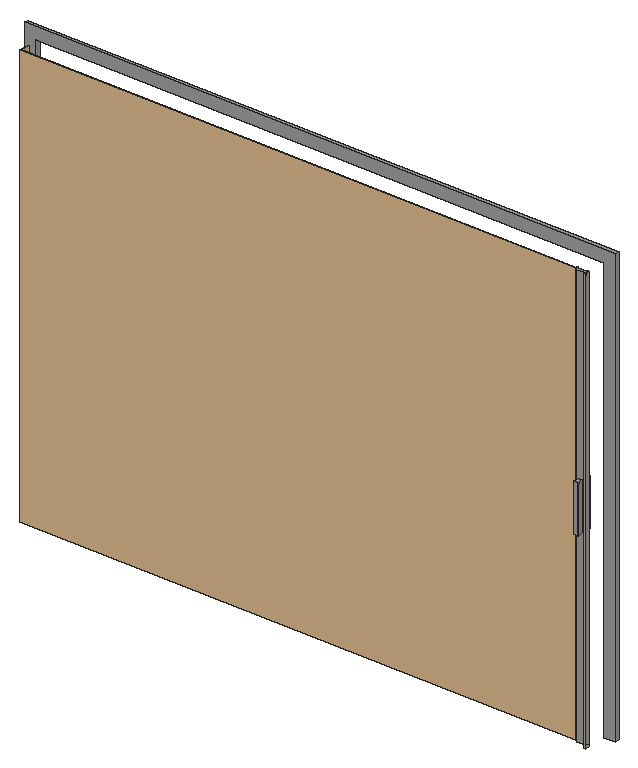
Revit family "Woodfold-Accordion-Door-Family-Series-240", category Doors, host Wall, Revit 2026
Family settings
  Host = Wall
  Always vertical = Yes
  Cut with Voids When Loaded = No
  Shared = No
  Room Calculation Point = No
Parameters (values of type "12'-0" x 9'-0" RecessedTrack, Sliding Jamb")
  URL = "www.woodfold.com"
  Type Comments = "Width: No limitation.  Height: Vinyl-Lam up to 12'-1\", Hardwoods up to 10'-1\""
  Track Material = Woodfold - Aluminum - Bronze
  Surface Track = no
  Surface Jamb = no
  Stack Dimension = 0.1041 * Width + 0' 2 3/4"  # 1' - 5.7404"
  Sliding Jamb = yes
  Recessed Track = yes
  Panel Material = Woodfold - Birch
  Panel Connectors = "Flexible Vinyl"
  Model = "240"
  Manufacturer = "Woodfold Mfg., Inc."
  Lead Post = Woodfold - Aluminum - Bronze
  Hardware Type = "Deadlatch with Thumbturn Two-side"
  Function = Interior
  Frame Visibility = no
  Frame Projection Ext. = 0' - 1"
  Frame Projection Int. = 0' - 1"
  Frame Width = 0' - 3"
  Height = 9' - 0"
  Wall Closure = By host
  Width = 12' - 0"
  Frame Material = Default
  Description = "Accordion door"
  Assembly Code = ""
Reference planes (in)
  plane 1 "Center (Front/Back)": y = 0
  plane 2 "Center (Left/Right)": x = 0
  plane 3 "Left": x = -72
  plane 4 "Right": x = 72
  plane 5 "Top": z = 108
  plane 6 "Stack End": x = -54.2596
  plane 7 "Middle": z = 54
Forms (in)
  Extrusion 1, solid, material "Default" <- "Frame Material"
    sketch origin (-90, 5, 0) x (-1, 0, 0) y (0, 0, 1)
      loop
        line (-162, 108) -> (-18, 108) -> (-18, 0) -> (-15, 0) -> (-15, 111) -> (-165, 111) -> (-165, 0) -> (-162, 0) -> (-162, 108)
    from 0 to 1
  Extrusion 2, solid, material "Default" <- "Frame Material", visible <- "Frame Visibility"
    sketch origin (-90, -5, 0) x (1, 0, 0) y (0, 0, 1)
      loop
        line (18, 0) -> (18, 108) -> (162, 108) -> (162, 0) -> (165, 0) -> (165, 111) -> (15, 111) -> (15, 0) -> (18, 0)
    from 0 to 1
  Extrusion 3, solid, material "Woodfold - Birch" <- "Panel Material"
    sketch origin (0, 0, 0) x (1, 0, 0) y (0, 1, 0)
      loop
        line (-71.75, 0.125) -> (-71.75, 2.23536) -> (-72, 2.23536) -> (-72, -0.125) -> (69.125, -0.125) -> (69.125, 0.125) -> (-71.75, 0.125)
    from 0.64608 to 108
  Extrusion 4, solid, material "Default" <- "Frame Material"
    sketch origin (0, 0, 0) x (1, 0, 0) y (0, 1, 0)
      loop
        line (72, 0.25) -> (70.9375, 0.25) -> (71.16324, 1.60445)
        arc (71.16324, 1.60445) -> (71.13532, 1.7058) -> (71.03994, 1.75) r 0.125
        line (71.03994, 1.75) -> (70.08506, 1.75)
        arc (70.08506, 1.75) -> (69.98968, 1.7058) -> (69.96176, 1.60445) r 0.125
        line (69.96176, 1.60445) -> (70.1875, 0.25) -> (69.25, 0.25)
        arc (69.25, 0.25) -> (69.08719, 0.17869) -> (69.03176, 0.00981) r 0.21774
        arc (69.03176, 0.00981) -> (69.19467, 0.06273) -> (69.125, -0.09375) r 0.09375
        arc (69.125, -0.09375) -> (69.10937, -0.10937) -> (69.125, -0.125) r 0.01562
        line (69.125, -0.125) -> (69.21055, -0.125) -> (69.58555, -0.5) -> (70.1875, -0.5) -> (69.96176, -1.85445)
        arc (69.96176, -1.85445) -> (69.98968, -1.9558) -> (70.08506, -2) r 0.125
        line (70.08506, -2) -> (71.03994, -2)
        arc (71.03994, -2) -> (71.13532, -1.9558) -> (71.16324, -1.85445) r 0.125
        line (71.16324, -1.85445) -> (70.9375, -0.5) -> (72, -0.5) -> (72, 0.25)
    from 48.64608 to 60.64608
  Extrusion 5, solid, material "Default" <- "Frame Material"
    sketch origin (0, 0, -18) x (1, 0, 0) y (0, 1, 0)
      loop
        arc (69.25, 0.25) -> (69.08719, 0.17869) -> (69.03176, 0.00981) r 0.21774
        arc (69.03176, 0.00981) -> (69.19467, 0.06273) -> (69.125, -0.09375) r 0.09375
        arc (69.125, -0.09375) -> (69.10937, -0.10937) -> (69.125, -0.125) r 0.01562
        line (69.125, -0.125) -> (69.21055, -0.125) -> (69.58555, -0.5) -> (72, -0.5) -> (72, 0.25) -> (69.25, 0.25)
    from 18.64608 to 66.64608
  Extrusion 6, solid, material "Default" <- "Frame Material"
    sketch origin (0, 0, 42) x (1, 0, 0) y (0, 1, 0)
      loop
        arc (69.25, 0.25) -> (69.08719, 0.17869) -> (69.03176, 0.00981) r 0.21774
        arc (69.03176, 0.00981) -> (69.19467, 0.06273) -> (69.125, -0.09375) r 0.09375
        arc (69.125, -0.09375) -> (69.10938, -0.10937) -> (69.125, -0.125) r 0.01562
        line (69.125, -0.125) -> (69.21055, -0.125) -> (69.58555, -0.5) -> (72, -0.5) -> (72, 0.25) -> (69.25, 0.25)
    from 18.64608 to 66
  Extrusion 7, solid, material "Woodfold - Aluminum - Bronze" <- "Track Material"
    sketch origin (0, 0, 0) x (1, 0, 0) y (0, 1, 0)
      loop
        line (71.58547, -0.63818) -> (72, -0.63818) -> (72, 0.38818) -> (71.58547, 0.38818) -> (71.58547, 0.25) -> (71.875, 0.25) -> (71.875, -0.5) -> (71.58547, -0.5) -> (71.58547, -0.63818)
    from 0 to 108
  Sweep 8, solid, material "Woodfold - Aluminum - Bronze" <- "Track Material", visible <- "Surface Track"
    path origin (0, 0, 0) x (1, 0, 0) y (0, 0, 1)
      loop
        line (72, 108) -> (-72, 108)
    profile origin (0, 0, 108) x (0, 0, -1) y (0, -1, 0)
      loop
        line (0.78289, -0.15789) -> (1.1875, -0.15789) -> (1.1875, 0.15789) -> (0.78289, 0.15789) -> (0.9375, 0.3125) -> (0.9375, 0.4375) -> (0.8125, 0.5625) -> (0, 0.5625) -> (0, -0.5625) -> (0.8125, -0.5625) -> (0.9375, -0.4375) -> (0.9375, -0.3125) -> (0.78289, -0.15789)
Cuts and joins
  joined: Extrusion 1, Extrusion 4, Extrusion 5, Extrusion 6
Lines and regions (in)
  Opening 1
    outline origin (-90, -5, 0) x (1, 0, 0) y (0, 0, 1)
      loop
        line (18, 0) -> (162, 0) -> (162, 108) -> (18, 108) -> (18, 0)
  symbolic lines, style "Elevation Swing"
    curve 1: line (72, 0, 0) -> (-72, 0, 54)
    curve 2: line (-72, 0, 54) -> (72, 0, 108)
Text (in)
  text "Exterior" at (-74.96733, 27.31104, 0), in view "Ref. Level"
  text "Interior" at (-74.96733, -25.14366, 0), in view "Ref. Level"
  text "Exterior" at (0, 40.15149, 123.01588), in view "Right"
  text "Interior" at (0, -64.39139, 123.01588), in view "Right"
  text "Interior" at (0, -31.01599, 123.00693), in view "Left"
  text "Exterior" at (0, 54.57065, 123.00693), in view "Left"
Dimensions and locks (in)
  equal spacing: plane 3 "Left", plane 2 "Center (Left/Right)", plane 4 "Right"
  "Height": level to plane 5 "Top"
  "Width": plane 3 "Left" to plane 4 "Right"
  "Frame Width": Extrusion 2 sketch curve to plane 3 "Left"
  "Frame Width": Extrusion 2 sketch curve to plane 4 "Right"
  "Frame Width": Extrusion 2 sketch curve to plane 5 "Top"
  "Frame Width": Extrusion 1 sketch curve to Extrusion 1 sketch curve  (x2)
  "Frame Width": Extrusion 1 sketch curve to plane 5 "Top"
  host wall to plane 5 "Top" = 9' - 0"
  "Frame Projection Int.": Extrusion 2 to host wall
  "Frame Projection Ext.": Extrusion 1 to host wall
  level to Extrusion 3 = 0' - 0.64608"
  "Stack Dimension": plane 3 "Left" to plane 6 "Stack End"
  equal spacing: level, plane 7 "Middle", plane 5 "Top"
  locked: Extrusion 3 sketch curve to Extrusion 3 sketch curve at 2.36036
  aligned and locked: plane 3 "Left" to Opening 1 sketch curve
  aligned and locked: plane 5 "Top" to Opening 1 sketch curve  (x2)
  aligned and locked: Opening 1 sketch curve to plane 4 "Right"
  aligned and locked: Opening 1 sketch curve to level
  aligned and locked: plane 5 "Top" to Extrusion 1 sketch curve  (x2)
  aligned and locked: plane 3 "Left" to Extrusion 1 sketch curve
  aligned and locked: Extrusion 1 sketch curve to plane 3 "Left"
  aligned and locked: level to Extrusion 1 sketch curve
  aligned and locked: plane 4 "Right" to Extrusion 1 sketch curve
  aligned and locked: Extrusion 1 to host wall
  aligned and locked: plane 3 "Left" to Extrusion 2 sketch curve
  aligned and locked: plane 5 "Top" to Extrusion 2 sketch curve  (x2)
  aligned and locked: plane 4 "Right" to Extrusion 2 sketch curve  (x2)
  aligned and locked: level to Extrusion 2 sketch curve
  aligned and locked: Extrusion 2 sketch curve to level
  aligned and locked: Extrusion 2 to host wall
  aligned and locked: nested 1 to plane 3 "Left"
  aligned and locked: nested 2 to plane 6 "Stack End"
  aligned and locked: nested 3 to nested 2
  aligned and locked: nested 3 to plane 3 "Left"
  aligned and locked: nested 4 to plane 4 "Right"
  aligned and locked: plane 5 "Top" to nested 5
  aligned and locked: level to nested 5
  aligned and locked: Extrusion 3 to nested 5
  aligned and locked: level to nested 6
  aligned and locked: host wall to nested 6
  aligned and locked: Extrusion 5 to Extrusion 3
  aligned and locked: Extrusion 4 to Extrusion 5
  aligned and locked: Extrusion 6 to Extrusion 4
  aligned and locked: Extrusion 6 to host wall
  aligned and locked: Extrusion 3 to plane 5 "Top"
  aligned and locked: plane 5 "Top" to nested 6
  aligned and locked: plane 4 "Right" to Extrusion 5 sketch curve
  aligned and locked: Extrusion 7 to level
  aligned and locked: Extrusion 7 to plane 5 "Top"
  aligned and locked: plane 4 "Right" to Sweep 8 sketch curve
  aligned and locked: plane 3 "Left" to Sweep 8 sketch curve
  aligned and locked: plane 5 "Top" to Sweep 8 sketch curve
  aligned and locked: nested 7 to plane 3 "Left"
Automatic sketch dimensions
  Extrusion 1 sketch curve to level = 0' - 0"
  Extrusion 2 sketch curve to level = 0' - 0"
  Extrusion 3 sketch curve to plane 3 "Left" = 0' - 0"
  Extrusion 3 sketch curve to Extrusion 3 sketch curve = 0' - 0 1/4"
  host wall to Extrusion 3 sketch curve = 0' - 0 1/8"
  plane 4 "Right" to Extrusion 3 sketch curve = 0' - 2 7/8"
  Extrusion 3 sketch curve to host wall = 0' - 0 1/8"
  Extrusion 4 sketch curve to host wall = 0' - 0"
  Extrusion 4 sketch curve to plane 4 "Right" = 0' - 0"
  plane 4 "Right" to Extrusion 4 sketch curve = 0' - 0.83676"  (x2)
  Extrusion 4 sketch curve to Extrusion 4 sketch curve = 0' - 0.1233"  (x4)
  Extrusion 4 sketch curve to host wall = 0' - 0 1/4"  (x2)
  Extrusion 4 sketch curve to Extrusion 4 sketch curve = 0' - 1 1/16"
  host wall to Extrusion 4 sketch curve = 0' - 0 1/2"  (x2)
  Extrusion 4 sketch curve to Extrusion 4 sketch curve = 0' - 0"  (x3)
  Extrusion 4 sketch curve to Extrusion 4 sketch curve = 0' - 0 3/4"  (x2)
  Extrusion 4 sketch curve to Extrusion 4 sketch curve = 0' - 0.95488"  (x2)
  Extrusion 4 sketch curve to Extrusion 4 sketch curve = 0' - 0.60195"
  Extrusion 4 sketch curve to Extrusion 4 sketch curve = 0' - 0.33555"
  Extrusion 4 sketch curve to host wall = 0' - 0.03226"
  Extrusion 4 sketch curve to Extrusion 4 sketch curve = 0' - 0.00165"
  Extrusion 4 sketch curve to Extrusion 4 sketch curve = 0' - 0.0378"
  Extrusion 4 sketch curve to Extrusion 4 sketch curve = 0' - 0.08555"
  Extrusion 4 sketch curve to host wall = 0' - 0.00981"
  Extrusion 4 sketch curve to Extrusion 4 sketch curve = 0' - 1.35445"  (x2)
  Extrusion 4 sketch curve to Extrusion 4 sketch curve = 0' - 0.02055"  (x2)
  Extrusion 4 sketch curve to Extrusion 4 sketch curve = 0' - 0 1/32"
  Extrusion 4 sketch curve to Extrusion 4 sketch curve = 0' - 0 1/64"
  curve 1 to plane 3 "Left" = 0' - 0"
  curve 2 to plane 4 "Right" = 0' - 0"
  curve 1 to level = 0' - 0"
  curve 1 to plane 4 "Right" = 0' - 0"
  curve 2 to plane 7 "Middle" = 0' - 0"
  curve 2 to plane 5 "Top" = 0' - 0"
  Extrusion 5 sketch curve to host wall = 0' - 0"
  host wall to Extrusion 5 sketch curve = 0' - 0 1/2"
  plane 4 "Right" to Extrusion 5 sketch curve = 0' - 2.41445"
  Extrusion 5 sketch curve to host wall = 0' - 0 1/4"
  Extrusion 5 sketch curve to Extrusion 5 sketch curve = 0' - 0.33555"
  Extrusion 5 sketch curve to host wall = 0' - 0.03226"
  Extrusion 5 sketch curve to Extrusion 5 sketch curve = 0' - 0.00165"
  host wall to Extrusion 5 sketch curve = 0' - 0 1/8"
  Extrusion 5 sketch curve to Extrusion 5 sketch curve = 0' - 0.0378"
  Extrusion 5 sketch curve to Extrusion 5 sketch curve = 0' - 0.08555"
  Extrusion 5 sketch curve to host wall = 0' - 0.00981"
  Extrusion 5 sketch curve to Extrusion 5 sketch curve = 0' - 0 1/64"
  Extrusion 6 sketch curve to host wall = 0' - 0"
  Extrusion 6 sketch curve to plane 4 "Right" = 0' - 0"
  host wall to Extrusion 6 sketch curve = 0' - 0 1/2"
  Extrusion 6 sketch curve to Extrusion 6 sketch curve = 0' - 2.41445"
  Extrusion 6 sketch curve to host wall = 0' - 0 1/4"
  Extrusion 6 sketch curve to Extrusion 6 sketch curve = 0' - 0.33555"
  Extrusion 6 sketch curve to host wall = 0' - 0.03226"
  Extrusion 6 sketch curve to Extrusion 6 sketch curve = 0' - 0.00165"
  host wall to Extrusion 6 sketch curve = 0' - 0 1/8"
  Extrusion 6 sketch curve to Extrusion 6 sketch curve = 0' - 0.0378"
  Extrusion 6 sketch curve to Extrusion 6 sketch curve = 0' - 0.08555"
  Extrusion 6 sketch curve to host wall = 0' - 0.00981"
  Extrusion 6 sketch curve to Extrusion 6 sketch curve = 0' - 0 1/64"
  Extrusion 7 sketch curve to plane 4 "Right" = 0' - 0"
  plane 4 "Right" to Extrusion 7 sketch curve = 0' - 0 1/8"
  Extrusion 7 sketch curve to Extrusion 7 sketch curve = 0' - 0.28953"  (x2)
  host wall to Extrusion 7 sketch curve = 0' - 0.63818"
  Extrusion 7 sketch curve to Extrusion 7 sketch curve = 0' - 0.13818"  (x2)
  Extrusion 7 sketch curve to host wall = 0' - 0 1/4"
  Sweep 8 sketch curve to profile plane = 0' - 0"
  Sweep 8 sketch curve to profile plane = 0' - 0.15789"
  Sweep 8 sketch curve to profile plane = 0' - 0.78289"
  profile plane to Sweep 8 sketch curve = 0' - 0.15789"
  Sweep 8 sketch curve to Sweep 8 sketch curve = 0' - 0"
  Sweep 8 sketch curve to Sweep 8 sketch curve = 0' - 0.02961"  (x2)
  Sweep 8 sketch curve to Sweep 8 sketch curve = 0' - 0 1/8"  (x5)
  profile plane to Sweep 8 sketch curve = 0' - 0 7/16"
  Sweep 8 sketch curve to Sweep 8 sketch curve = 0' - 0 1/4"
  Sweep 8 sketch curve to Sweep 8 sketch curve = 0' - 0.15461"
  Sweep 8 sketch curve to profile plane = 0' - 0 9/16"
Nested families (in)
  nested 1: "Detail - Jamb Plate" at (-72, 0, 0) x (0, 1, 0) z (0, 0, 1), visible <- "Surface Jamb", type "Detail - Jamb Plate"
  nested 2: "Detail Lead Post" at (-56.92405, -0.125, 0), type "Detail Lead Post", detail levels medium+fine
  nested 3: "Detail - Stacked Panels" at (-72, 0, 0), type "Detail - Stacked Panels"
    with built-in parameter 1001306 1.2492 (stored number, unit not read)
  nested 4: "Detail - Post receptor" at (72, -0.125, 0), type "Detail - Post receptor"
  nested 5: "Detail - Panel Section" at (0, 0, 108) x (0, 0, -1) z (1, 0, 0), visible <- "Surface Track", type "Detail - Panel Section"
    with Panel Finish yes, built-in parameter 1001306 9 (stored number, unit not read)
  nested 6: "Detail - Panel Section - Recessed Track" at (0, 0, 108) x (0, 0, -1) z (1, 0, 0), visible <- "Recessed Track", type "Detail - Panel Section"
    with Panel Finish yes, built-in parameter 1001306 9 (stored number, unit not read)
  nested 7: "Detail - Recessed Jamb" at (-72, -0.13103, 0), visible <- "Sliding Jamb", type "Detail - Recessed Jamb"
Definition of nested family "Detail - Jamb Plate"
  Parameters
    Assembly Code = ""
  Reference planes (in)
    plane 1 "Center (Front/Back)": y = 0
    plane 2: z = 0
    plane 3 "Center (Left/Right)": x = 0
  Lines and regions (in)
    Filled region 1, type "Steel", in view "Ref. Level"
      outline origin (0, 0, 0) x (1, 0, 0) y (0, 1, 0)
        loop
          line (0, 0) -> (1.75, 0) -> (1.75, 0.25) -> (0, 0.25) -> (0, 0)
  Nested families (in)
    nested 1: "Wood Screw" at (0.875, -0.75, 0), type "Wood Screw", in view "Ref. Level"
  Definition of nested family "Wood Screw"
    Parameters
      Length = 0' - 1"
    Reference planes (in)
      plane 1 "Center (Front/Back)": y = 0
      plane 2: z = 0
      plane 3 "Center (Left/Right)": x = 0
      plane 4: y = 1
      plane 5: y = 0.875
    Lines and regions (in)
      detail lines, in view "Ref. Level"
        curve 1: line (-0.1875, 1, 0) -> (0.1875, 1, 0)
        curve 2: line (0.1875, 1, 0) -> (0.0625, 0.875, 0)
        curve 3: line (0.0625, 0.875, 0) -> (0.0625, 0.0625, 0)
        curve 4: line (0.0625, 0.0625, 0) -> (0, 0, 0)
        curve 5: line (-0.1875, 1, 0) -> (-0.0625, 0.875, 0)
        curve 6: line (-0.0625, 0.875, 0) -> (-0.0625, 0.0625, 0)
        curve 7: line (-0.0625, 0.0625, 0) -> (0, 0, 0)
      detail lines, in view "Ref. Level", not visible
        curve 8: line (-0.1875, 0.9375, 0) -> (0.1875, 0.9375, 0)
        curve 9: line (0.1875, 0.9375, 0) -> (0.0625, 0.8125, 0)
        curve 10: line (-0.1875, 0.9375, 0) -> (-0.0625, 0.8125, 0)
    Dimensions and locks (in)
      locked: plane 4 to plane 5 at 0.125
      "Length": plane 4 to plane 1 "Center (Front/Back)"
      aligned and locked: curve 1 to plane 4
      aligned and locked: plane 5 to curve 3
      aligned and locked: plane 5 to curve 6
    Automatic sketch dimensions
      curve 4 to plane 1 "Center (Front/Back)" = 0' - 0"
      curve 4 to plane 3 "Center (Left/Right)" = 0' - 0"
      curve 6 to plane 3 "Center (Left/Right)" = 0' - 0 1/16"
      plane 3 "Center (Left/Right)" to curve 4 = 0' - 0 1/16"
      curve 4 to plane 1 "Center (Front/Back)" = 0' - 0 1/16"
Definition of nested family "Detail Lead Post"
  Parameters
    Assembly Code = ""
  Reference planes (in)
    plane 1 "Center (Front/Back)": y = 0
    plane 2: z = 0
    plane 3 "Center (Left/Right)": x = 0
    plane 4 "Hinge Side": x = -0.08555
    plane 5 "Jamb Side": x = 2.78945
    plane 6: x = 2.66445
  Lines and regions (in)
    Filled region 1, type "Concrete Block", in view "Ref. Level"
      outline origin (0, 0, 0) x (1, 0, 0) y (0, 1, 0)
        loop
          line (2.66445, 0.375) -> (0.03945, 0.375)
          arc (0.03945, 0.375) -> (-0.12336, 0.30369) -> (-0.17879, 0.13481) r 0.21774
          arc (-0.17879, 0.13481) -> (-0.01588, 0.18773) -> (-0.08555, 0.03125) r 0.09375
          arc (-0.08555, 0.03125) -> (-0.10118, 0.01562) -> (-0.08555, 0) r 0.01562
          line (-0.08555, 0) -> (0, 0) -> (0.375, -0.375) -> (2.66445, -0.375) -> (2.66445, 0.375)
        loop
          line (0.12172, 0.05506) -> (0.42678, -0.25) -> (2.53945, -0.25) -> (2.53945, 0.25) -> (0.09397, 0.25)
          arc (0.09397, 0.25) -> (0.13102, 0.15583) -> (0.12172, 0.05506) r 0.21875
    detail lines, in view "Ref. Level"
      curve 1: line (0.97695, 0.375, 0) -> (0.75121, 1.72945, 0)
      curve 2: line (1.82939, 1.875, 0) -> (0.87451, 1.875, 0)
      curve 3: line (1.72695, 0.375, 0) -> (1.95269, 1.72945, 0)
      curve 4: line (0.97695, -0.375, 0) -> (0.75121, -1.72945, 0)
      curve 5: line (1.82939, -1.875, 0) -> (0.87451, -1.875, 0)
      curve 6: line (1.72695, -0.375, 0) -> (1.95269, -1.72945, 0)
      curve 7: arc (0.75121, -1.72945, 0) -> (0.77913, -1.8308, 0) -> (0.87451, -1.875, 0) r 0.125
      curve 8: arc (1.82939, -1.875, 0) -> (1.92477, -1.8308, 0) -> (1.95269, -1.72945, 0) r 0.125
      curve 9: arc (0.75121, 1.72945, 0) -> (0.77913, 1.8308, 0) -> (0.87451, 1.875, 0) r 0.125
      curve 10: arc (1.95269, 1.72945, 0) -> (1.92477, 1.8308, 0) -> (1.82939, 1.875, 0) r 0.125
      curve 11: line (2.66445, 0.375, 0) -> (0.03945, 0.375, 0)
      curve 12: arc (0.03945, 0.375, 0) -> (-0.12336, 0.30369, 0) -> (-0.17879, 0.13481, 0) r 0.21774
      curve 13: arc (-0.17879, 0.13481, 0) -> (-0.01588, 0.18773, 0) -> (-0.08555, 0.03125, 0) r 0.09375
      curve 14: arc (-0.08555, 0.03125, 0) -> (-0.10118, 0.01562, 0) -> (-0.08555, 0, 0) r 0.01562
      curve 15: line (-0.08555, 0, 0) -> (0, 0, 0)
      curve 16: line (0, 0, 0) -> (0.375, -0.375, 0)
      curve 17: line (0.375, -0.375, 0) -> (2.66445, -0.375, 0)
      curve 18: line (2.66445, -0.375, 0) -> (2.66445, 0.375, 0)
Definition of nested family "Detail - Stacked Panels"
  Parameters
    built-in parameter 1001306 [instance] = 2' - 0"
    Assembly Code = ""
  Reference planes (in)
    plane 1 "Center (Front/Back)": y = 0
    plane 2: z = 0
    plane 3 "Left": x = 0
    plane 4 "Right": x = 24
    plane 5: x = 0.25
  Lines and regions (in)
    Filled region 1, type "Panel Lines", in view "Ref. Level"
      outline origin (0.25, 0, 0) x (1, 0, 0) y (0, 1, 0)
        loop
          line (0, 2.25) -> (0, -2.25) -> (23.5, -2.25) -> (23.5, 2.25) -> (0, 2.25)
    Filled region 2, type "Panel Lines", in view "Ref. Level"
      outline origin (0, 0, 0) x (1, 0, 0) y (0, 1, 0)
        loop
          line (0.25, 2.25) -> (0.25, 0) -> (0, 0) -> (0, -2.25) -> (24, -2.25) -> (24, 0) -> (23.75, 0) -> (23.75, 2.25) -> (0.25, 2.25)
    reference lines, in view "Ref. Level"
      curve 1: line (0, 0, 0) -> (24, 0, 0)
      curve 2: line (0.25, -4, 0) -> (24, -4, 0)
    detail lines, in view "Ref. Level"
      curve 3: circle (24, 0, 0) r 0.125 normal (0, 0, 1)
  Dimensions and locks (in)
    "built-in parameter 1001306": plane 3 "Left" to plane 4 "Right"
    aligned and locked: plane 1 "Center (Front/Back)" to curve 1
    aligned and locked: plane 3 "Left" to curve 1
    aligned and locked: plane 5 to curve 2
    aligned and locked: plane 4 "Right" to curve 2
    aligned and locked: Filled region 1 to Filled region 2
    aligned and locked: plane 3 "Left" to Filled region 2 sketch curve
    aligned and locked: Filled region 2 sketch curve to plane 5
    aligned and locked: Filled region 1 to plane 5
  Automatic sketch dimensions
    curve 1 to plane 4 "Right" = 0' - 0"
    plane 1 "Center (Front/Back)" to curve 2 = 0' - 4"
    plane 5 to Filled region 1 sketch curve = 0' - 0"
    plane 4 "Right" to Filled region 1 sketch curve = 0' - 0 1/4"
    plane 1 "Center (Front/Back)" to Filled region 1 sketch curve = 0' - 2 1/4"
    Filled region 1 sketch curve to plane 1 "Center (Front/Back)" = 0' - 2 1/4"
    curve 3 to plane 1 "Center (Front/Back)" = 0' - 0"
    curve 3 to plane 4 "Right" = 0' - 0"
    Filled region 2 sketch curve to plane 1 "Center (Front/Back)" = 0' - 0"  (x2)
    Filled region 2 sketch curve to plane 4 "Right" = 0' - 0"
    plane 4 "Right" to Filled region 2 sketch curve = 0' - 0 1/4"
    Filled region 2 sketch curve to Filled region 2 sketch curve = 0' - 2 1/4"  (x2)
    radius of curve 3 = 0' - 0 1/8"
Definition of nested family "Detail - Post receptor"
  Parameters
    Jamb Receptor Plate [instance] = yes
  Reference planes (in)
    plane 1 "Center (Front/Back)": y = 0
    plane 2: z = 0
    plane 3 "Center (Left/Right)": x = 0
  Lines and regions (in)
    Filled region 1, type "Concrete Block", in view "Ref. Level", visible <- "Jamb Receptor Plate"
      outline origin (-2.78945, 0, 0) x (1, 0, 0) y (0, 1, 0)
        loop
          line (2.37492, 0.51318) -> (2.37492, 0.38141) -> (2.66445, 0.38141) -> (2.66445, -0.38141) -> (2.37492, -0.38141) -> (2.37492, -0.51318) -> (2.78945, -0.51318) -> (2.78945, 0.51318) -> (2.37492, 0.51318)
Definition of nested family "Detail - Panel Section"
  Parameters
    Panel Finish [instance] = yes
    built-in parameter 1001306 [instance] = 4' - 0"
  Reference planes (in)
    plane 1 "Center (Front/Back)": y = 0
    plane 2: z = 0
    plane 3 "Left": x = 0
    plane 4 "Right": x = 48
    plane 5: x = 46.955
  Lines and regions (in)
    Filled region 1, type "Wood - Finish", in view "Ref. Level", visible <- "Panel Finish"
      outline origin (-14.66362, 0, 0) x (0, 1, 0) y (-1, 0, 0)
        loop
          line (-2.22816, -16.27095) -> (-2.22816, -61.61862) -> (2.2317, -61.61862) -> (2.2317, -16.27095) -> (-2.22816, -16.27095)
    reference lines, in view "Ref. Level"
      curve 1: line (0, 0, 0) -> (48, 0, 0)
    detail lines, in view "Ref. Level"
      curve 2: arc (1.1875, -2.199, 0) -> (1.15228, -2.28802, 0) -> (1.1875, -2.37703, 0) r 0.13011
      curve 3: line (1.20858, -2.21839, 0) -> (1.20858, -2.35623, 0)
      curve 4: line (1.20858, -2.28816, 0) -> (1.52613, -2.28816, 0)
      curve 5: arc (1.48757, -2.22839, 0) -> (1.54757, -2.29208, 0) -> (1.60733, -2.22816, 0) r 0.06
      curve 6: line (1.2475, -2.25816, 0) -> (1.49343, -2.25816, 0)
      curve 7: line (1.48757, -2.22839, 0) -> (1.20858, -2.22816, 0)
      curve 8: line (46.99371, -2.28816, 0) -> (1.56879, -2.28816, 0)
      curve 9: line (46.96101, -2.25816, 0) -> (1.60149, -2.25816, 0)
      curve 10: line (1.48739, -2.17209, 0) -> (1.48739, -2.22839, 0)
      curve 11: line (1.1875, -2.17209, 0) -> (1.48739, -2.17209, 0)
      curve 12: line (1.1875, -2.40479, 0) -> (1.1875, 2.40479, 0)
      curve 13: arc (1.60733, -1.14507, 0) -> (1.58503, -1.18941, 0) -> (1.60733, -1.23375, 0) r 0.05523
      curve 14: arc (1.60733, -0.39507, 0) -> (1.58503, -0.43941, 0) -> (1.60733, -0.48375, 0) r 0.05523
      curve 15: arc (1.60733, 0.47493, 0) -> (1.58503, 0.43059, 0) -> (1.60733, 0.38625, 0) r 0.05523
      curve 16: arc (1.60733, 1.22493, 0) -> (1.58503, 1.18059, 0) -> (1.60733, 1.13625, 0) r 0.05523
      curve 17: arc (1.60733, 2.11585, 0) -> (1.59138, 2.14854, 0) -> (1.5575, 2.16176, 0) r 0.05
      curve 18: line (1.1875, 2.16176, 0) -> (1.5575, 2.16176, 0)
      curve 19: arc (1.48739, 1.34792, 0) -> (1.54739, 1.40792, 0) -> (1.48739, 1.46792, 0) r 0.06
      curve 20: arc (1.48739, 1.46792, 0) -> (1.42739, 1.40792, 0) -> (1.48739, 1.34792, 0) r 0.06
      curve 21: arc (1.48739, -1.44643, 0) -> (1.54739, -1.38643, 0) -> (1.48739, -1.32643, 0) r 0.06
      curve 22: arc (1.48739, -1.32643, 0) -> (1.42739, -1.38643, 0) -> (1.48739, -1.44643, 0) r 0.06
      curve 23: arc (1.1875, 2.199, 0) -> (1.15228, 2.28802, 0) -> (1.1875, 2.37703, 0) r 0.13011
      curve 24: line (1.20858, 2.21839, 0) -> (1.20858, 2.35623, 0)
      curve 25: line (1.20858, 2.29161, 0) -> (47.35392, 2.29161, 0)
      curve 26: line (1.24866, 2.26161, 0) -> (47.32358, 2.26161, 0)
      curve 27: line (1.60733, 2.22816, 0) -> (1.20858, 2.22816, 0)
      curve 28: arc (47.375, -2.199, 0) -> (47.41022, -2.28802, 0) -> (47.375, -2.37703, 0) r 0.13011
      curve 29: line (47.35392, -2.21839, 0) -> (47.35392, -2.35623, 0)
      curve 30: line (47.35392, -2.28816, 0) -> (47.03637, -2.28816, 0)
      curve 31: arc (47.07493, -2.22839, 0) -> (47.01689, -2.29205, 0) -> (46.95504, -2.23208, 0) r 0.06
      curve 32: line (47.315, -2.25816, 0) -> (47.06907, -2.25816, 0)
      curve 33: line (47.07493, -2.22839, 0) -> (47.35392, -2.22816, 0)
      curve 34: line (47.07511, -2.17209, 0) -> (47.07511, -2.22839, 0)
      curve 35: line (47.375, -2.17209, 0) -> (47.07511, -2.17209, 0)
      curve 36: line (47.375, -2.40479, 0) -> (47.375, 2.40479, 0)
      curve 37: arc (46.955, -1.14495, 0) -> (46.97747, -1.18941, 0) -> (46.955, -1.23387, 0) r 0.05523
      curve 38: arc (46.955, -0.39495, 0) -> (46.97747, -0.43941, 0) -> (46.955, -0.48387, 0) r 0.05523
      curve 39: arc (46.955, 0.47505, 0) -> (46.97747, 0.43059, 0) -> (46.955, 0.38613, 0) r 0.05523
      curve 40: arc (46.955, 1.22505, 0) -> (46.97747, 1.18059, 0) -> (46.955, 1.13613, 0) r 0.05523
      curve 41: arc (46.955, 2.11176, 0) -> (46.96964, 2.14712, 0) -> (47.005, 2.16176, 0) r 0.05
      curve 42: line (47.375, 2.16176, 0) -> (47.005, 2.16176, 0)
      curve 43: arc (47.07511, 1.34792, 0) -> (47.01511, 1.40792, 0) -> (47.07511, 1.46792, 0) r 0.06
      curve 44: arc (47.07511, 1.46792, 0) -> (47.13511, 1.40792, 0) -> (47.07511, 1.34792, 0) r 0.06
      curve 45: arc (47.07511, -1.44643, 0) -> (47.01511, -1.38643, 0) -> (47.07511, -1.32643, 0) r 0.06
      curve 46: arc (47.07511, -1.32643, 0) -> (47.13511, -1.38643, 0) -> (47.07511, -1.44643, 0) r 0.06
      curve 47: arc (47.375, 2.199, 0) -> (47.41022, 2.28802, 0) -> (47.375, 2.37703, 0) r 0.13011
      curve 48: line (47.35392, 2.21839, 0) -> (47.35392, 2.35623, 0)
      curve 49: line (47.35392, 2.22816, 0) -> (46.955, 2.22816, 0)
      curve 94: line (48, -2.40479, 0) -> (48, 2.34521, 0)
      curve 96: line (46.955, -2.23208, 0) -> (46.955, 2.11176, 0)
      curve 98: line (1.60733, -2.22816, 0) -> (1.60733, 2.11585, 0)
    detail lines, in view "Ref. Level", not visible
      curve 50: arc (0, -2.199, 0) -> (-0.03522, -2.28802, 0) -> (0, -2.37703, 0) r 0.13011
      curve 51: line (0.02108, -2.21839, 0) -> (0.02108, -2.35623, 0)
      curve 52: line (0.02108, -2.28816, 0) -> (0.33863, -2.28816, 0)
      curve 53: arc (0.30007, -2.22839, 0) -> (0.36007, -2.29208, 0) -> (0.41983, -2.22816, 0) r 0.06
      curve 54: line (0.06, -2.25816, 0) -> (0.30593, -2.25816, 0)
      curve 55: line (0.30007, -2.22839, 0) -> (0.02108, -2.22816, 0)
      curve 56: line (0.29989, -2.17209, 0) -> (0.29989, -2.22839, 0)
      curve 57: line (0, -2.17209, 0) -> (0.29989, -2.17209, 0)
      curve 58: line (0, -2.40479, 0) -> (0, 2.40479, 0)
      curve 59: arc (0.41983, -1.14507, 0) -> (0.39753, -1.18941, 0) -> (0.41983, -1.23375, 0) r 0.05523
      curve 60: arc (0.41983, -0.39507, 0) -> (0.39753, -0.43941, 0) -> (0.41983, -0.48375, 0) r 0.05523
      curve 61: arc (0.41983, 0.47493, 0) -> (0.39753, 0.43059, 0) -> (0.41983, 0.38625, 0) r 0.05523
      curve 62: arc (0.41983, 1.22493, 0) -> (0.39753, 1.18059, 0) -> (0.41983, 1.13625, 0) r 0.05523
      curve 63: arc (0.41983, 2.11585, 0) -> (0.40388, 2.14854, 0) -> (0.37, 2.16176, 0) r 0.05
      curve 64: line (0, 2.16176, 0) -> (0.37, 2.16176, 0)
      curve 65: arc (0.29989, 1.34792, 0) -> (0.35989, 1.40792, 0) -> (0.29989, 1.46792, 0) r 0.06
      curve 66: arc (0.29989, 1.46792, 0) -> (0.23989, 1.40792, 0) -> (0.29989, 1.34792, 0) r 0.06
      curve 67: arc (0.29989, -1.44643, 0) -> (0.35989, -1.38643, 0) -> (0.29989, -1.32643, 0) r 0.06
      curve 68: arc (0.29989, -1.32643, 0) -> (0.23989, -1.38643, 0) -> (0.29989, -1.44643, 0) r 0.06
      curve 69: arc (0, 2.199, 0) -> (-0.03522, 2.28802, 0) -> (0, 2.37703, 0) r 0.13011
      curve 70: line (0.02108, 2.21839, 0) -> (0.02108, 2.35623, 0)
      curve 71: line (0.41983, 2.22816, 0) -> (0.02108, 2.22816, 0)
      curve 72: arc (8.68994, -2.199, 0) -> (8.72516, -2.28802, 0) -> (8.68994, -2.37703, 0) r 0.13011
      curve 73: line (8.66886, -2.21839, 0) -> (8.66886, -2.35623, 0)
      curve 74: line (8.66886, -2.28816, 0) -> (8.35131, -2.28816, 0)
      curve 75: arc (8.38987, -2.22839, 0) -> (8.33183, -2.29205, 0) -> (8.26998, -2.23208, 0) r 0.06
      curve 76: line (8.62994, -2.25816, 0) -> (8.38402, -2.25816, 0)
      curve 77: line (8.38987, -2.22839, 0) -> (8.66886, -2.22816, 0)
      curve 78: line (8.39005, -2.17209, 0) -> (8.39005, -2.22839, 0)
      curve 79: line (8.68994, -2.17209, 0) -> (8.39005, -2.17209, 0)
      curve 80: line (8.68994, -2.40479, 0) -> (8.68994, 2.40479, 0)
      curve 81: arc (8.26994, -1.14495, 0) -> (8.29241, -1.18941, 0) -> (8.26994, -1.23387, 0) r 0.05523
      curve 82: arc (8.26994, -0.39495, 0) -> (8.29241, -0.43941, 0) -> (8.26994, -0.48387, 0) r 0.05523
      curve 83: arc (8.26994, 0.47505, 0) -> (8.29241, 0.43059, 0) -> (8.26994, 0.38613, 0) r 0.05523
      curve 84: arc (8.26994, 1.22505, 0) -> (8.29241, 1.18059, 0) -> (8.26994, 1.13613, 0) r 0.05523
      curve 85: arc (8.26994, 2.11176, 0) -> (8.28459, 2.14712, 0) -> (8.31994, 2.16176, 0) r 0.05
      curve 86: line (8.68994, 2.16176, 0) -> (8.31994, 2.16176, 0)
      curve 87: arc (8.39005, 1.34792, 0) -> (8.33005, 1.40792, 0) -> (8.39005, 1.46792, 0) r 0.06
      curve 88: arc (8.39005, 1.46792, 0) -> (8.45005, 1.40792, 0) -> (8.39005, 1.34792, 0) r 0.06
      curve 89: arc (8.39005, -1.44643, 0) -> (8.33005, -1.38643, 0) -> (8.39005, -1.32643, 0) r 0.06
      curve 90: arc (8.39005, -1.32643, 0) -> (8.45005, -1.38643, 0) -> (8.39005, -1.44643, 0) r 0.06
      curve 91: arc (8.68994, 2.199, 0) -> (8.72516, 2.28802, 0) -> (8.68994, 2.37703, 0) r 0.13011
      curve 92: line (8.66886, 2.21839, 0) -> (8.66886, 2.35623, 0)
      curve 93: line (8.66886, 2.22816, 0) -> (8.26994, 2.22816, 0)
      curve 95: line (9.31494, -2.40479, 0) -> (9.31494, 2.34521, 0)
      curve 97: line (8.26994, -2.23208, 0) -> (8.26994, 2.11176, 0)
      curve 99: line (0.41983, -2.22816, 0) -> (0.41983, 2.11585, 0)
  Dimensions and locks (in)
    "built-in parameter 1001306": plane 3 "Left" to plane 4 "Right"
    locked: plane 5 to plane 4 "Right" at 1.045
    aligned and locked: plane 1 "Center (Front/Back)" to curve 1
    aligned and locked: plane 4 "Right" to curve 1
    aligned and locked: plane 3 "Left" to curve 1
    aligned and locked: curve 94 to plane 4 "Right"
    aligned and locked: Filled region 1 to plane 5
    aligned and locked: Filled region 1 to curve 98
    aligned and locked: curve 24 to curve 25
    aligned and locked: curve 8 to curve 4
  Automatic sketch dimensions
    plane 1 "Center (Front/Back)" to Filled region 1 sketch curve = 0' - 2.22816"
    Filled region 1 sketch curve to plane 1 "Center (Front/Back)" = 0' - 2.2317"
    plane 3 "Left" to Filled region 1 sketch curve = 3' - 10.955"
    plane 3 "Left" to Filled region 1 sketch curve = 0' - 1.60733"
    curve 38 to curve 39 = 0' - 0"
    curve 40 to curve 39 = 0' - 0"
    curve 38 to curve 37 = 0' - 0"
    curve 49 to curve 40 = 0' - 0"
    curve 37 to curve 37 = 0' - 0.03276"
    curve 49 to curve 41 = 0' - 0"
    curve 37 to curve 31 = 0' - 0.00004"
    curve 41 to curve 41 = 0' - 0.05"
    curve 42 to curve 41 = 0' - 0"
    curve 31 to curve 30 = 0' - 0.02133"
    curve 30 to curve 32 = 0' - 0.0327"
    curve 32 to curve 33 = 0' - 0.00585"
    curve 37 to curve 46 = 0' - 0.12011"
    curve 40 to curve 43 = 0' - 0.12011"
    curve 31 to curve 35 = 0' - 0.00018"
    curve 42 to curve 47 = 0' - 0.27511"
    curve 32 to curve 28 = 0' - 0.21103"
    curve 28 to curve 32 = 0' - 0.03489"
    curve 47 to curve 48 = 0' - 0.07381"
    curve 32 to curve 29 = 0' - 0.03892"
    curve 29 to curve 28 = 0' - 0.02108"
    curve 47 to curve 94 = 0' - 0 5/8"
    curve 36 to curve 94 = 0' - 0"
    curve 36 to curve 28 = 0' - 0.02776"
    curve 28 to curve 29 = 0' - 0.0208"
    curve 29 to curve 30 = 0' - 0.06807"
    curve 30 to curve 28 = 0' - 0.00014"
    curve 30 to curve 32 = 0' - 0.03"
    curve 31 to curve 34 = 0' - 0"
    curve 33 to curve 29 = 0' - 0.00977"
    curve 34 to curve 34 = 0' - 0.0563"
    curve 34 to curve 46 = 0' - 0.72566"
    curve 45 to curve 45 = 0' - 0.06"
    curve 45 to curve 37 = 0' - 0.09256"
    curve 37 to curve 37 = 0' - 0.04446"
    curve 37 to curve 38 = 0' - 0.66108"
    curve 38 to curve 38 = 0' - 0.04446"
    curve 38 to curve 39 = 0' - 0.78108"
    curve 39 to curve 39 = 0' - 0.04446"
    curve 39 to curve 40 = 0' - 0.66108"
    curve 40 to curve 40 = 0' - 0.04446"
    curve 40 to curve 43 = 0' - 0.12287"
    curve 43 to curve 44 = 0' - 0.06"
    curve 43 to curve 41 = 0' - 0.64384"
    curve 41 to curve 42 = 0' - 0"
    curve 42 to curve 47 = 0' - 0.03724"
    curve 47 to curve 48 = 0' - 0.01939"
    curve 42 to curve 49 = 0' - 0 17/256"
    curve 49 to curve 47 = 0' - 0.05986"
    curve 94 to curve 47 = 0' - 0.03183"
    curve 48 to curve 47 = 0' - 0.0208"
    curve 47 to curve 36 = 0' - 0.02776"
    curve 82 to curve 83 = 0' - 0"
    curve 84 to curve 83 = 0' - 0"
    curve 82 to curve 81 = 0' - 0"
    curve 93 to curve 84 = 0' - 0"
    curve 81 to curve 81 = 0' - 0.03276"
    curve 93 to curve 85 = 0' - 0"
    curve 81 to curve 75 = 0' - 0.00004"
    curve 85 to curve 85 = 0' - 0.05"
    curve 86 to curve 85 = 0' - 0"
    curve 75 to curve 74 = 0' - 0.02133"
    curve 74 to curve 76 = 0' - 0.0327"
    curve 76 to curve 77 = 0' - 0.00585"
    curve 81 to curve 90 = 0' - 0.12011"
    curve 84 to curve 87 = 0' - 0.12011"
    curve 75 to curve 79 = 0' - 0.00018"
    curve 86 to curve 91 = 0' - 0.27511"
    curve 76 to curve 72 = 0' - 0.21103"
    curve 72 to curve 76 = 0' - 0.03489"
    curve 91 to curve 92 = 0' - 0.07381"
    curve 76 to curve 73 = 0' - 0.03892"
    curve 73 to curve 72 = 0' - 0.02108"
    curve 91 to curve 95 = 0' - 0 5/8"
    curve 80 to curve 95 = 0' - 0"
    curve 80 to curve 72 = 0' - 0.02776"
    curve 72 to curve 73 = 0' - 0.0208"
    curve 73 to curve 74 = 0' - 0.06807"
    curve 74 to curve 72 = 0' - 0.00014"
    curve 74 to curve 76 = 0' - 0.03"
    curve 75 to curve 78 = 0' - 0"
    curve 77 to curve 73 = 0' - 0.00977"
    curve 78 to curve 78 = 0' - 0.0563"
    curve 78 to curve 90 = 0' - 0.72566"
    curve 89 to curve 89 = 0' - 0.06"
    curve 89 to curve 81 = 0' - 0.09256"
    curve 81 to curve 81 = 0' - 0.04446"
    curve 81 to curve 82 = 0' - 0.66108"
    curve 82 to curve 82 = 0' - 0.04446"
    curve 82 to curve 83 = 0' - 0.78108"
    curve 83 to curve 83 = 0' - 0.04446"
    curve 83 to curve 84 = 0' - 0.66108"
    curve 84 to curve 84 = 0' - 0.04446"
    curve 84 to curve 87 = 0' - 0.12287"
    curve 87 to curve 88 = 0' - 0.06"
    curve 87 to curve 85 = 0' - 0.64384"
    curve 85 to curve 86 = 0' - 0"
    curve 86 to curve 91 = 0' - 0.03724"
    curve 91 to curve 92 = 0' - 0.01939"
    curve 86 to curve 93 = 0' - 0 17/256"
    curve 93 to curve 91 = 0' - 0.05986"
    curve 95 to curve 91 = 0' - 0.03183"
    curve 92 to curve 91 = 0' - 0.0208"
    curve 91 to curve 80 = 0' - 0.02776"
    curve 43 to curve 44 = 0' - 0"  (x2)
    curve 45 to curve 46 = 0' - 0"  (x2)
    curve 96 to curve 31 = 0' - 0"
    curve 96 to curve 41 = 0' - 0"
    curve 87 to curve 88 = 0' - 0"  (x2)
    curve 89 to curve 90 = 0' - 0"  (x2)
    curve 97 to curve 75 = 0' - 0"
    curve 97 to curve 85 = 0' - 0"
    curve 25 to curve 26 = 0' - 0.04008"
    plane 3 "Left" to curve 8 = 0' - 1.56879"
    curve 8 to curve 9 = 0' - 0.0327"
    curve 9 to plane 5 = 0' - 0.00601"
    curve 8 to plane 5 = 0' - 0.03871"
    curve 26 to plane 5 = 0' - 0.36858"
    curve 26 to curve 25 = 0' - 0.03034"
    curve 8 to curve 9 = 0' - 0.03"
    curve 26 to plane 1 "Center (Front/Back)" = 0' - 2.26161"
    curve 26 to curve 25 = 0' - 0.03"
    curve 23 to curve 24 = 0' - 0.02108"
    curve 2 to curve 3 = 0' - 0.02108"
    curve 4 to curve 6 = 0' - 0.03892"
    curve 27 to curve 23 = 0' - 0.07381"
    curve 6 to curve 2 = 0' - 0.03489"
    curve 2 to curve 10 = 0' - 0.205"
    curve 18 to curve 19 = 0' - 0.29989"
    curve 10 to curve 22 = 0' - 0"
    curve 10 to curve 5 = 0' - 0.00018"
    curve 5 to curve 6 = 0' - 0.00585"
    curve 6 to curve 4 = 0' - 0.0327"
    curve 4 to curve 5 = 0' - 0.02133"
    curve 23 to curve 18 = 0' - 0.27511"
    curve 17 to curve 18 = 0' - 0"  (x2)
    curve 17 to curve 17 = 0' - 0.04983"
    curve 18 to curve 27 = 0' - 0.04983"
    curve 16 to curve 16 = 0' - 0.03293"
    curve 13 to curve 13 = 0' - 0.03293"
    curve 15 to curve 15 = 0' - 0.03293"
    curve 14 to curve 14 = 0' - 0.03293"
    curve 12 to curve 2 = 0' - 0.02776"
    curve 2 to curve 3 = 0' - 0.0208"
    curve 3 to curve 4 = 0' - 0.06807"
    curve 4 to curve 2 = 0' - 0.00014"
    curve 4 to curve 6 = 0' - 0.03"
    curve 7 to curve 10 = 0' - 0"
    curve 7 to curve 3 = 0' - 0.00977"
    curve 10 to curve 11 = 0' - 0.0563"
    curve 10 to curve 22 = 0' - 0.72566"
    curve 21 to curve 22 = 0' - 0.06"
    curve 21 to curve 13 = 0' - 0.09268"
    curve 13 to curve 13 = 0' - 0.04434"
    curve 13 to curve 14 = 0' - 0.66132"
    curve 14 to curve 14 = 0' - 0.04434"
    curve 14 to curve 15 = 0' - 0.78133"
    curve 15 to curve 15 = 0' - 0.04434"
    curve 15 to curve 16 = 0' - 0.66132"
    curve 16 to curve 16 = 0' - 0.04434"
    curve 16 to curve 19 = 0' - 0.12299"
    curve 19 to curve 20 = 0' - 0.06"
    curve 19 to curve 17 = 0' - 0.64384"
    curve 17 to curve 17 = 0' - 0.00409"
    curve 18 to curve 23 = 0' - 0.03724"
    curve 23 to curve 24 = 0' - 0.01939"
    curve 24 to curve 27 = 0' - 0.00977"
    curve 27 to curve 23 = 0' - 0.05986"
    curve 24 to curve 23 = 0' - 0.0208"
    curve 23 to curve 12 = 0' - 0.02776"
    curve 19 to curve 20 = 0' - 0"  (x2)
    curve 21 to curve 22 = 0' - 0"  (x2)
    curve 69 to curve 70 = 0' - 0.02108"
    curve 50 to curve 51 = 0' - 0.02108"
    curve 52 to curve 54 = 0' - 0.03892"
    curve 71 to curve 69 = 0' - 0.07381"
    curve 54 to curve 50 = 0' - 0.03489"
    curve 50 to curve 56 = 0' - 0.205"
    curve 64 to curve 65 = 0' - 0.29989"
    curve 56 to curve 68 = 0' - 0"
    curve 56 to curve 53 = 0' - 0.00018"
    curve 53 to curve 54 = 0' - 0.00585"
    curve 54 to curve 52 = 0' - 0.0327"
    curve 52 to curve 53 = 0' - 0.02133"
    curve 69 to curve 64 = 0' - 0.27511"
    curve 63 to curve 64 = 0' - 0"  (x2)
    curve 63 to curve 63 = 0' - 0.04983"
    curve 64 to curve 71 = 0' - 0.04983"
    curve 62 to curve 62 = 0' - 0.03293"
    curve 59 to curve 59 = 0' - 0.03293"
    curve 61 to curve 61 = 0' - 0.03293"
    curve 60 to curve 60 = 0' - 0.03293"
    curve 58 to curve 50 = 0' - 0.02776"
    curve 50 to curve 51 = 0' - 0.0208"
    curve 51 to curve 52 = 0' - 0.06807"
    curve 52 to curve 50 = 0' - 0.00014"
    curve 52 to curve 54 = 0' - 0.03"
    curve 55 to curve 56 = 0' - 0"
    curve 55 to curve 51 = 0' - 0.00977"
    curve 56 to curve 57 = 0' - 0.0563"
    curve 56 to curve 68 = 0' - 0.72566"
    curve 67 to curve 68 = 0' - 0.06"
    curve 67 to curve 59 = 0' - 0.09268"
    curve 59 to curve 59 = 0' - 0.04434"
    curve 59 to curve 60 = 0' - 0.66132"
    curve 60 to curve 60 = 0' - 0.04434"
    curve 60 to curve 61 = 0' - 0.78133"
    curve 61 to curve 61 = 0' - 0.04434"
    curve 61 to curve 62 = 0' - 0.66132"
    curve 62 to curve 62 = 0' - 0.04434"
    curve 62 to curve 65 = 0' - 0.12299"
    curve 65 to curve 66 = 0' - 0.06"
    curve 65 to curve 63 = 0' - 0.64384"
    curve 63 to curve 63 = 0' - 0.00409"
    curve 64 to curve 69 = 0' - 0.03724"
    curve 69 to curve 70 = 0' - 0.01939"
    curve 70 to curve 71 = 0' - 0.00977"
    curve 71 to curve 69 = 0' - 0.05986"
    curve 70 to curve 69 = 0' - 0.0208"
    curve 69 to curve 58 = 0' - 0.02776"
    curve 65 to curve 66 = 0' - 0"  (x2)
    curve 67 to curve 68 = 0' - 0"  (x2)
  Nested families (in)
    nested 1: "Detail Track" at (0, 0, 0) x (-1, 0, 0) z (0, 0, 1), type "Detail Track", in view "Ref. Level"
  Definition of nested family "Detail Track"
    Parameters
      Door Height [instance] = 3' - 1 3/16"
      Assembly Code = ""
    Reference planes (in)
      plane 1 "Center (Front/Back)": y = 0
      plane 2: z = 0
      plane 3 "Center (Left/Right)": x = 0
    Lines and regions (in)
      detail lines, in view "Ref. Level"
        curve 1: line (-0.8125, 0.5625, 0) -> (0, 0.5625, 0)
        curve 2: line (0, -0.5625, 0) -> (-0.8125, -0.5625, 0)
        curve 3: line (0, 0.5625, 0) -> (0, -0.5625, 0)
        curve 4: line (-0.9375, -0.4375, 0) -> (-0.9375, -0.3125, 0)
        curve 5: line (-1.1875, -0.15789, 0) -> (-1.1875, 0.15789, 0)
        curve 6: line (-1.1875, 0.15789, 0) -> (-0.6875, 0.15789, 0)
        curve 7: line (-1.1875, -0.15789, 0) -> (-0.6875, -0.15789, 0)
        curve 8: line (-0.9375, -0.4375, 0) -> (-0.8125, -0.5625, 0)
        curve 9: line (-0.9375, -0.3125, 0) -> (-0.78289, -0.15789, 0)
        curve 10: line (-0.9375, 0.4375, 0) -> (-0.9375, 0.3125, 0)
        curve 11: line (-0.9375, 0.4375, 0) -> (-0.8125, 0.5625, 0)
        curve 12: line (-0.9375, 0.3125, 0) -> (-0.78289, 0.15789, 0)
        curve 13: line (-0.76072, 0.4375, 0) -> (-0.125, 0.4375, 0)
        curve 14: line (-0.125, 0.4375, 0) -> (-0.125, -0.4375, 0)
        curve 15: line (-0.125, -0.4375, 0) -> (-0.76072, -0.4375, 0)
        curve 16: line (-0.8125, -0.38572, 0) -> (-0.76072, -0.4375, 0)
        curve 17: line (-0.8125, -0.38572, 0) -> (-0.8125, -0.36428, 0)
        curve 18: line (-0.8125, -0.36428, 0) -> (-0.69451, -0.24628, 0)
        curve 19: line (-0.8125, 0.36428, 0) -> (-0.69451, 0.24628, 0)
        curve 20: line (-0.8125, 0.38572, 0) -> (-0.8125, 0.36428, 0)
        curve 21: line (-0.8125, 0.38572, 0) -> (-0.76072, 0.4375, 0)
        curve 22: line (-0.69451, -0.24628, 0) -> (-0.78289, -0.15789, 0)
        curve 23: line (-0.78289, 0.15789, 0) -> (-0.69451, 0.24628, 0)
        curve 24: line (-0.6875, -0.3125, 0) -> (-0.6875, 0.3125, 0)
        curve 25: arc (-0.21279, 0.4375, 0) -> (-0.15029, 0.375, 0) -> (-0.21279, 0.3125, 0) r 0.0625
        curve 26: line (-0.21279, 0.3125, 0) -> (-0.73249, 0.3125, 0)
        curve 27: arc (-0.73249, 0.4375, 0) -> (-0.79499, 0.375, 0) -> (-0.73249, 0.3125, 0) r 0.0625
        curve 28: arc (-0.21279, -0.4375, 0) -> (-0.15029, -0.375, 0) -> (-0.21279, -0.3125, 0) r 0.0625
        curve 29: line (-0.21279, -0.3125, 0) -> (-0.73249, -0.3125, 0)
        curve 30: arc (-0.73249, -0.4375, 0) -> (-0.79499, -0.375, 0) -> (-0.73249, -0.3125, 0) r 0.0625
        curve 31: line (-0.3125, -0.3125, 0) -> (-0.3125, 0.3125, 0)
    Nested families (in)
      nested 1: "Metal Screw" at (0.50115, 0, 0) x (0, 1, 0) z (0, 0, 1), type "1"", in view "Ref. Level"
    Definition of nested family "Metal Screw"
      Parameters
        Length = 0' - 1 1/2"
        Assembly Code = ""
      Reference planes (in)
        plane 1 "Center (Front/Back)": y = 0.62615
        plane 2: z = 0
        plane 3 "Center (Left/Right)": x = 0
        plane 4: y = -0.87385
      Lines and regions (in)
        Filled region 1, type "Steel", in view "Ref. Level"
          outline origin (0, 0, 0) x (1, 0, 0) y (0, 1, 0)
            loop
              line (-0.18472, 0.62615) -> (-0.0625, 0.62615) -> (-0.0625, -0.87385) -> (0, -0.93635) -> (0.0625, -0.87385) -> (0.0625, 0.62615) -> (0.18472, 0.62615)
              arc (0.18472, 0.62615) -> (0, 0.75115) -> (-0.18472, 0.62615) r 0.19899
        detail lines, in view "Ref. Level"
          curve 1: line (0.18472, 0.62615, 0) -> (0.05972, 0.62615, 0)
          curve 2: line (0.0625, 0.62615, 0) -> (0.0625, -0.87385, 0)
          curve 3: line (0.0625, -0.87385, 0) -> (0, -0.93635, 0)
          curve 4: line (-0.0625, 0.62615, 0) -> (-0.0625, -0.87385, 0)
          curve 5: line (-0.0625, -0.87385, 0) -> (0, -0.93635, 0)
          curve 7: line (-0.18472, 0.62615, 0) -> (-0.05972, 0.62615, 0)
          curve 8: arc (-0.18472, 0.62615, 0) -> (0, 0.75115, 0) -> (0.18472, 0.62615, 0) r 0.19899
        detail lines, in view "Ref. Level", not visible
          curve 6: line (0.18472, 0.8125, 0) -> (0.05972, 0.8125, 0)
          curve 9: line (-0.18472, 0.8125, 0) -> (-0.05972, 0.8125, 0)
          curve 10: arc (-0.18472, 0.8125, 0) -> (0, 0.9375, 0) -> (0.18472, 0.8125, 0) r 0.19899
          curve 11: line (0.0625, -1.18635, 0) -> (0, -1.24885, 0)
          curve 12: line (-0.0625, -1.18635, 0) -> (0, -1.24885, 0)
      Dimensions and locks (in)
        "Length": plane 1 "Center (Front/Back)" to plane 4
        aligned and locked: plane 1 "Center (Front/Back)" to curve 7
        aligned and locked: plane 4 to curve 2
        aligned and locked: plane 4 to curve 4
        aligned and locked: plane 4 to curve 3
        aligned and locked: Filled region 1 sketch curve to curve 7
        aligned and locked: Filled region 1 sketch curve to curve 4
        aligned and locked: Filled region 1 sketch curve to curve 5
        aligned and locked: Filled region 1 sketch curve to curve 3
        aligned and locked: Filled region 1 sketch curve to curve 2
        aligned and locked: Filled region 1 sketch curve to curve 1
      Automatic sketch dimensions
        curve 4 to plane 1 "Center (Front/Back)" = 0' - 0"
        curve 2 to plane 1 "Center (Front/Back)" = 0' - 0"
        curve 4 to plane 3 "Center (Left/Right)" = 0' - 0 1/16"
        plane 3 "Center (Left/Right)" to curve 2 = 0' - 0 1/16"
        curve 7 to curve 7 = 0' - 0 1/8"
        curve 7 to curve 8 = 0' - 0.05972"
        curve 8 to curve 1 = 0' - 0.05972"
        curve 1 to curve 8 = 0' - 0 1/8"
        curve 8 to curve 7 = 0' - 0.07399"
        curve 9 to curve 9 = 0' - 0 1/8"
        curve 9 to curve 10 = 0' - 0.05972"
        curve 10 to curve 6 = 0' - 0.05972"
        curve 6 to curve 10 = 0' - 0 1/8"
        curve 10 to curve 9 = 0' - 0.07399"
        Filled region 1 sketch curve to plane 3 "Center (Left/Right)" = 0' - 0"
        Filled region 1 sketch curve to Filled region 1 sketch curve = 0' - 0.12222"
        plane 1 "Center (Front/Back)" to Filled region 1 sketch curve = 0' - 0.07399"
Definition of nested family "Detail - Panel Section - Recessed Track"
  Parameters
    Panel Finish [instance] = yes
    built-in parameter 1001306 [instance] = 4' - 0"
    Assembly Code = ""
  Reference planes (in)
    plane 1 "Center (Front/Back)": y = 0
    plane 2: z = 0
    plane 3 "Left": x = 0
    plane 4 "Right": x = 48
    plane 5: x = 46.955
  Lines and regions (in)
    Filled region 1, type "Wood - Finish", in view "Ref. Level", visible <- "Panel Finish"
      outline origin (-14.66362, 0, 0) x (0, 1, 0) y (-1, 0, 0)
        loop
          line (-2.22816, -15.64595) -> (-2.22816, -61.61862) -> (2.2317, -61.61862) -> (2.2317, -15.64595) -> (-2.22816, -15.64595)
    reference lines, in view "Ref. Level"
      curve 1: line (0, 0, 0) -> (48, 0, 0)
    detail lines, in view "Ref. Level"
      curve 2: arc (0.5625, -2.199, 0) -> (0.52728, -2.28802, 0) -> (0.5625, -2.37703, 0) r 0.13011
      curve 3: line (0.58358, -2.21839, 0) -> (0.58358, -2.35623, 0)
      curve 4: line (0.58358, -2.28816, 0) -> (0.90113, -2.28816, 0)
      curve 5: arc (0.86257, -2.22839, 0) -> (0.92257, -2.29208, 0) -> (0.98233, -2.22816, 0) r 0.06
      curve 6: line (0.6225, -2.25816, 0) -> (0.86843, -2.25816, 0)
      curve 7: line (0.86257, -2.22839, 0) -> (0.58358, -2.22816, 0)
      curve 8: line (46.99371, -2.28816, 0) -> (0.94379, -2.28816, 0)
      curve 9: line (46.96101, -2.25816, 0) -> (0.97649, -2.25816, 0)
      curve 10: line (0.86239, -2.17209, 0) -> (0.86239, -2.22839, 0)
      curve 11: line (0.5625, -2.17209, 0) -> (0.86239, -2.17209, 0)
      curve 12: line (0.5625, -2.40479, 0) -> (0.5625, 2.40479, 0)
      curve 13: arc (0.98233, -1.14507, 0) -> (0.96003, -1.18941, 0) -> (0.98233, -1.23375, 0) r 0.05523
      curve 14: arc (0.98233, -0.39507, 0) -> (0.96003, -0.43941, 0) -> (0.98233, -0.48375, 0) r 0.05523
      curve 15: arc (0.98233, 0.47493, 0) -> (0.96003, 0.43059, 0) -> (0.98233, 0.38625, 0) r 0.05523
      curve 16: arc (0.98233, 1.22493, 0) -> (0.96003, 1.18059, 0) -> (0.98233, 1.13625, 0) r 0.05523
      curve 17: arc (0.98233, 2.11585, 0) -> (0.96638, 2.14854, 0) -> (0.9325, 2.16176, 0) r 0.05
      curve 18: line (0.5625, 2.16176, 0) -> (0.9325, 2.16176, 0)
      curve 19: arc (0.86239, 1.34792, 0) -> (0.92239, 1.40792, 0) -> (0.86239, 1.46792, 0) r 0.06
      curve 20: arc (0.86239, 1.46792, 0) -> (0.80239, 1.40792, 0) -> (0.86239, 1.34792, 0) r 0.06
      curve 21: arc (0.86239, -1.44643, 0) -> (0.92239, -1.38643, 0) -> (0.86239, -1.32643, 0) r 0.06
      curve 22: arc (0.86239, -1.32643, 0) -> (0.80239, -1.38643, 0) -> (0.86239, -1.44643, 0) r 0.06
      curve 23: arc (0.5625, 2.199, 0) -> (0.52728, 2.28802, 0) -> (0.5625, 2.37703, 0) r 0.13011
      curve 24: line (0.58358, 2.21839, 0) -> (0.58358, 2.35623, 0)
      curve 25: line (0.58358, 2.29161, 0) -> (47.35392, 2.29161, 0)
      curve 26: line (0.62366, 2.26161, 0) -> (47.32358, 2.26161, 0)
      curve 27: line (0.98233, 2.22816, 0) -> (0.58358, 2.22816, 0)
      curve 28: arc (47.375, -2.199, 0) -> (47.41022, -2.28802, 0) -> (47.375, -2.37703, 0) r 0.13011
      curve 29: line (47.35392, -2.21839, 0) -> (47.35392, -2.35623, 0)
      curve 30: line (47.35392, -2.28816, 0) -> (47.03637, -2.28816, 0)
      curve 31: arc (47.07493, -2.22839, 0) -> (47.01689, -2.29205, 0) -> (46.95504, -2.23208, 0) r 0.06
      curve 32: line (47.315, -2.25816, 0) -> (47.06907, -2.25816, 0)
      curve 33: line (47.07493, -2.22839, 0) -> (47.35392, -2.22816, 0)
      curve 34: line (47.07511, -2.17209, 0) -> (47.07511, -2.22839, 0)
      curve 35: line (47.375, -2.17209, 0) -> (47.07511, -2.17209, 0)
      curve 36: line (47.375, -2.40479, 0) -> (47.375, 2.40479, 0)
      curve 37: arc (46.955, -1.14495, 0) -> (46.97747, -1.18941, 0) -> (46.955, -1.23387, 0) r 0.05523
      curve 38: arc (46.955, -0.39495, 0) -> (46.97747, -0.43941, 0) -> (46.955, -0.48387, 0) r 0.05523
      curve 39: arc (46.955, 0.47505, 0) -> (46.97747, 0.43059, 0) -> (46.955, 0.38613, 0) r 0.05523
      curve 40: arc (46.955, 1.22505, 0) -> (46.97747, 1.18059, 0) -> (46.955, 1.13613, 0) r 0.05523
      curve 41: arc (46.955, 2.11176, 0) -> (46.96964, 2.14712, 0) -> (47.005, 2.16176, 0) r 0.05
      curve 42: line (47.375, 2.16176, 0) -> (47.005, 2.16176, 0)
      curve 43: arc (47.07511, 1.34792, 0) -> (47.01511, 1.40792, 0) -> (47.07511, 1.46792, 0) r 0.06
      curve 44: arc (47.07511, 1.46792, 0) -> (47.13511, 1.40792, 0) -> (47.07511, 1.34792, 0) r 0.06
      curve 45: arc (47.07511, -1.44643, 0) -> (47.01511, -1.38643, 0) -> (47.07511, -1.32643, 0) r 0.06
      curve 46: arc (47.07511, -1.32643, 0) -> (47.13511, -1.38643, 0) -> (47.07511, -1.44643, 0) r 0.06
      curve 47: arc (47.375, 2.199, 0) -> (47.41022, 2.28802, 0) -> (47.375, 2.37703, 0) r 0.13011
      curve 48: line (47.35392, 2.21839, 0) -> (47.35392, 2.35623, 0)
      curve 49: line (47.35392, 2.22816, 0) -> (46.955, 2.22816, 0)
      curve 94: line (48, -2.40479, 0) -> (48, 2.34521, 0)
      curve 96: line (46.955, -2.23208, 0) -> (46.955, 2.11176, 0)
      curve 98: line (0.98233, -2.22816, 0) -> (0.98233, 2.11585, 0)
    detail lines, in view "Ref. Level", not visible
      curve 50: arc (0, -2.199, 0) -> (-0.03522, -2.28802, 0) -> (0, -2.37703, 0) r 0.13011
      curve 51: line (0.02108, -2.21839, 0) -> (0.02108, -2.35623, 0)
      curve 52: line (0.02108, -2.28816, 0) -> (0.33863, -2.28816, 0)
      curve 53: arc (0.30007, -2.22839, 0) -> (0.36007, -2.29208, 0) -> (0.41983, -2.22816, 0) r 0.06
      curve 54: line (0.06, -2.25816, 0) -> (0.30593, -2.25816, 0)
      curve 55: line (0.30007, -2.22839, 0) -> (0.02108, -2.22816, 0)
      curve 56: line (0.29989, -2.17209, 0) -> (0.29989, -2.22839, 0)
      curve 57: line (0, -2.17209, 0) -> (0.29989, -2.17209, 0)
      curve 58: line (0, -2.40479, 0) -> (0, 2.40479, 0)
      curve 59: arc (0.41983, -1.14507, 0) -> (0.39753, -1.18941, 0) -> (0.41983, -1.23375, 0) r 0.05523
      curve 60: arc (0.41983, -0.39507, 0) -> (0.39753, -0.43941, 0) -> (0.41983, -0.48375, 0) r 0.05523
      curve 61: arc (0.41983, 0.47493, 0) -> (0.39753, 0.43059, 0) -> (0.41983, 0.38625, 0) r 0.05523
      curve 62: arc (0.41983, 1.22493, 0) -> (0.39753, 1.18059, 0) -> (0.41983, 1.13625, 0) r 0.05523
      curve 63: arc (0.41983, 2.11585, 0) -> (0.40388, 2.14854, 0) -> (0.37, 2.16176, 0) r 0.05
      curve 64: line (0, 2.16176, 0) -> (0.37, 2.16176, 0)
      curve 65: arc (0.29989, 1.34792, 0) -> (0.35989, 1.40792, 0) -> (0.29989, 1.46792, 0) r 0.06
      curve 66: arc (0.29989, 1.46792, 0) -> (0.23989, 1.40792, 0) -> (0.29989, 1.34792, 0) r 0.06
